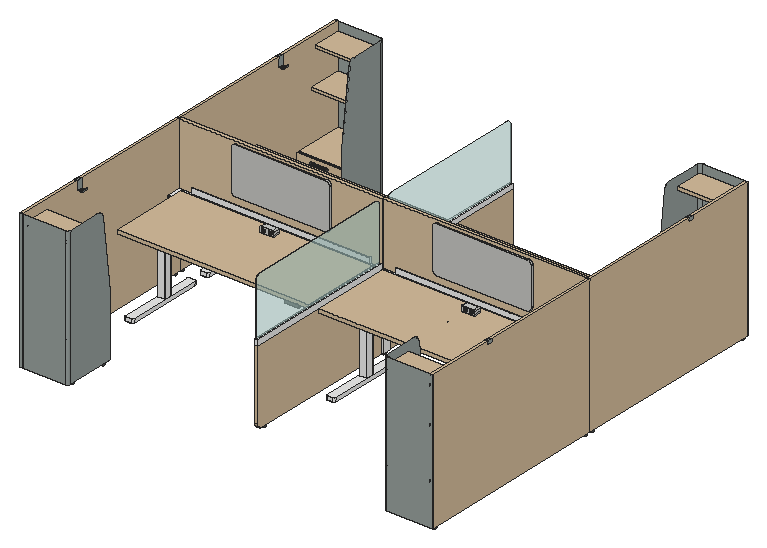
Revit family "Layout-Teknion-Expansion_Cityline_Height_Adjustable_Workstation_09-R2021", category Furniture Systems, Revit 2021 (continued)
Definition of nested family "Screen-Teknion-JZSASB_Solid_Add_On_Screen_EZ_Fence_Beam_Mounted-R2021"
  Forms (in)
    Sweep 5, solid, material <- "Screen Finish", visible <- "Radius"
      profile origin (41.6252, 0, 0) x (1, 0, 0) y (0, 0, 1)
        loop
          arc (-40.829, 57) -> (-42.24321, 56.41421) -> (-42.829, 55) r 2
  Cuts and joins
    Sweep 3 cuts Sweep 5
    Sweep 3, Sweep 4 cuts Sweep 1
  Lines and regions (in)
    Masking region 1
      outline origin (0, 0, 0) x (1, 0, 0) y (0, 1, 0)
        loop
          line (-1.2038, 0.50787) -> (-1.2038, -0.50787) -> (3.0482, -0.50787) -> (3.0482, -0.90551) -> (80.20183, -0.90551) -> (80.20183, -0.50787) -> (84.4542, -0.50787) -> (84.4542, 0.50787) -> (80.20183, 0.50787) -> (80.20183, 0.90551) -> (3.0482, 0.90551) -> (3.0482, 0.50787) -> (-1.2038, 0.50787)
    symbolic lines
      curve 1: line (1.2482, 0.50787, 0) -> (82.00183, 0.50787, 0)
      curve 2: line (82.00183, -0.50787, 0) -> (1.2482, -0.50787, 0)
    symbolic lines, visible <- "2D - Hole - Right", detail levels medium+fine
      curve 3: line (84.9353, 0.1575, 0) -> (84.9353, -0.1575, 0)
      curve 4: line (84.9353, -0.1575, 0) -> (84.4542, -0.1575, 0)
      curve 5: line (84.9353, 0.1575, 0) -> (84.4542, 0.1575, 0)
    symbolic lines, visible <- "2D - Hole - Left", detail levels medium+fine
      curve 6: line (-1.2038, 0.1575, 0) -> (-1.6848, 0.1575, 0)
      curve 7: line (-1.6848, 0.1575, 0) -> (-1.6848, -0.1575, 0)
      curve 8: line (-1.6848, -0.1575, 0) -> (-1.2038, -0.1575, 0)
    reference lines
      curve 9: line (-1.2038, 0.90551, 0) -> (-1.2038, -0.90551, 0)
      curve 10: line (-1.2038, 0.90551, 0) -> (84.4542, 0.90551, 0)
      curve 11: line (-1.2038, -0.90551, 0) -> (84.4542, -0.90551, 0)
      curve 12: line (84.4542, 0.90551, 0) -> (84.4542, -0.90551, 0)
  Dimensions and locks (in)
    "Actual Width": plane 4 "Left" to plane 5 "Right"
    locked: plane 6 "Back" to plane 7 "Front" at 1.81102
    "Datum Height": plane 8 "Top" to level
    equal spacing: plane 6 "Back", plane 1 "Center Front/Back", plane 7 "Front"
    equal spacing: plane 4 "Left", plane 3 "Center Left/Right", plane 5 "Right"
    Sweep 1 sketch curve to plane 1 "Center Front/Back" to Sweep 1 sketch curve = 0.50787" locked, 0.50787" locked
    locked: Sweep 2 sketch curve to plane 5 "Right" at 4.25236
    "Cover Gap": plane 4 "Left" to Sweep 2 sketch curve
    locked: Sweep 2 sketch curve to plane 9 at 1.88976  (x2)
    locked: Sweep 2 sketch curve to plane 6 "Back" at 0.39764
    locked: plane 7 "Front" to Sweep 2 sketch curve at 0.39764
    "Beam Height": plane 9 to plane 2
    locked: plane 5 "Right" to Sweep 3 sketch curve at 0.6811
    "Cut-Out - Alignment Holes - Right": Sweep 3 sketch curve to Sweep 3 sketch curve
    locked: plane 8 "Top" to Sweep 3 sketch curve at 3
    locked: Sweep 4 sketch curve to plane 4 "Left" at 0.681
    "Cut-Out - Alignment Holes - Left": Sweep 4 sketch curve to Sweep 4 sketch curve
    locked: plane 8 "Top" to Sweep 4 sketch curve at 3
    Sweep 5 sketch curve to plane 1 "Center Front/Back" to Sweep 5 sketch curve = 0.50787" locked, 0.50787" locked
    locked: Sweep 5 sketch curve to plane 4 "Left" at 2
    locked: plane 8 "Top" to Sweep 5 sketch curve at 2
    locked: nested 2 to plane 5 "Right" at 0.829
    locked: plane 4 "Left" to nested 3 at 0.829
    radius of Sweep 3 = 0.1575"  (x2)
    aligned and locked: level to plane 2
    aligned and locked: plane 3 "Center Left/Right" to Sweep 1 sketch curve
    aligned and locked: plane 8 "Top" to Sweep 1 sketch curve
    aligned and locked: plane 9 to Sweep 1 sketch curve
    aligned and locked: plane 5 "Right" to Sweep 1 sketch curve
    aligned and locked: plane 4 "Left" to Sweep 1 sketch curve
    aligned and locked: Sweep 2 sketch curve to plane 1 "Center Front/Back"
    aligned and locked: Sweep 2 sketch curve to plane 6 "Back"
    aligned and locked: Sweep 2 sketch curve to plane 9  (x2)
    aligned and locked: plane 7 "Front" to Sweep 2 sketch curve
    aligned and locked: plane 1 "Center Front/Back" to Sweep 3 sketch curve  (x2)
    aligned and locked: Sweep 4 sketch curve to plane 1 "Center Front/Back"
    aligned and locked: plane 1 "Center Front/Back" to Sweep 4 sketch curve
    aligned and locked: Sweep 5 sketch curve to plane 3 "Center Left/Right"
    aligned and locked: Sweep 5 sketch curve to plane 9
    aligned and locked: Sweep 5 sketch curve to plane 5 "Right"
    aligned and locked: plane 8 "Top" to Sweep 5 sketch curve
    aligned and locked: Sweep 5 sketch curve to plane 4 "Left"
    aligned and locked: Masking region 1 sketch curve to cut or joined group of Sweep 1, Sweep 3, Sweep 4  (x4)
    aligned and locked: cut or joined group of Sweep 1, Sweep 3, Sweep 4 to Masking region 1 sketch curve  (x2)
    aligned and locked: Masking region 1 sketch curve to Sweep 2  (x4)
    aligned and locked: Sweep 2 to Masking region 1 sketch curve
    aligned and locked: curve 1 to Sweep 2
    aligned and locked: curve 2 to Sweep 2
    aligned and locked: curve 3 to cut or joined group of Sweep 1, Sweep 3, Sweep 4
    aligned and locked: plane 4 "Left" to curve 8
    aligned and locked: plane 4 "Left" to curve 6
    aligned and locked: curve 7 to cut or joined group of Sweep 1, Sweep 3, Sweep 4
    aligned and locked: plane 5 "Right" to curve 5
    aligned and locked: plane 5 "Right" to curve 4
    aligned and locked: nested 3 to plane 1 "Center Front/Back"
    aligned and locked: plane 1 "Center Front/Back" to nested 1
    aligned and locked: nested 1 to plane 3 "Center Left/Right"
    aligned and locked: plane 1 "Center Front/Back" to nested 2
    aligned and locked: Sweep 3 to curve 5
    aligned and locked: Sweep 3 to curve 4
    aligned and locked: curve 6 to Sweep 4
    aligned and locked: Sweep 4 to curve 8
    aligned and locked: curve 9 to plane 4 "Left"
    aligned and locked: curve 10 to plane 6 "Back"
    aligned and locked: plane 7 "Front" to curve 11
    aligned and locked: curve 12 to plane 5 "Right"
  Automatic sketch dimensions
    profile plane to Sweep 4 sketch curve = 0.1575"
    Sweep 4 sketch curve to Sweep 4 sketch curve = 0.000"  (x2)
    Sweep 3 sketch curve to Sweep 3 sketch curve = 0.1575"
    Sweep 3 sketch curve to Sweep 3 sketch curve = 0.000"  (x2)
    Masking region 1 sketch curve to plane 6 "Back" = 0.000"
    curve 7 to curve 2 = 2.933"
    curve 1 to curve 2 = 0.000"
    curve 1 to curve 3 = 2.93346"
    curve 2 to curve 1 = 0.000"
  Nested families (in)
    nested 1: "Teknion_2D_Node_Family-R2016" at (41.6252, 0, 0), type "Teknion_2D_Node_Family-R2016"
    nested 2: "Teknion_2D_Node_Family-R2016" at (83.6252, 0, 0), type "Teknion_2D_Node_Family-R2016"
    nested 3: "Teknion_2D_Node_Family-R2016" at (-0.3748, 0, 0) x (-1, 0, 0) z (0, 0, 1), type "Teknion_2D_Node_Family-R2016"
  Definition of nested family "Teknion_2D_Node_Family-R2016"
    Reference planes (in)
      plane 1 "Center (Front/Back)": y = 0
      plane 2: z = 0
      plane 3 "Center (Left/Right)": x = 0
    Lines and regions (in)
      detail lines, in view "Ref. Level"
        curve 1: circle (0, 0, 0) r 1.25 normal (0, 0, 1)
        curve 2: line (1.91508, -1.91508, 0) -> (-1.91508, 1.91508, 0)
        curve 3: line (-1.91508, -1.91508, 0) -> (1.91508, 1.91508, 0)
Definition of nested family "Screens-Teknion-JNSCE_Casual_Board-R2015"
  Parameters (values of type "Datum 42"h, 12"w, Radius Corner")
    Width = 12.000"
    Warranty = "http://www.teknion.com/ca/papers/legal-canada"
    Unit Weight URL = "http://www.teknion.com/ca/tools/assets#&asset=bee6a381-b954-425e-8283-5a2de3a804f2,f828d448-4b62-4231-9e5f-9a8991c0ed77"
    URL = "www.teknion.com"
    Sustainability Data = "http://www.teknion.com/ca/tools/assets#&topic=216f99a5-57a0-44fc-b10a-9dee9b29ae4c&asset=444deb64-fe58-4b68-981e-f75e97781df7"
    Series = "Expansion Cityline"  # constant formula
    Product Page URL = "http://www.teknion.com/ca/products/product-details?productlineid=9ad2a26e-8e7a-673b-a6c8-ff05004460c4"
    Product Line = "Expansion Cityline"  # constant formula
    Product Documentation Link = "http://www.teknion.com/pricing/Expansion-Cityline/pdfs/JNSCE_ppg.pdf"
    Part Number = "JNSCE"  # constant formula
    Model = "JNSCE4212R"
    Manufacturer Phone = "416-661-3370"  # constant formula
    Manufacturer Fax = "416.661.4586"  # constant formula
    Manufacturer Contact Information = "http://www.teknion.com/ca/contactus"
    Manufacturer Address = "1150 Flint Road, Toronto, ON. M3J 2J5. Canada"  # constant formula
    Manufacturer = "Teknion"  # constant formula
    Height = 41.000"
    Description = "Casual Board - Felt, Datum 42\"h, 12\"w, Radius Corner"
    Default Elevation = 0.000"
    Board Finish [instance] = none
    Assembly Code = "E2020200"
  Types (21): name | Width | Model | Height | Description
    Datum 42"h, 12"w, Radius Corner | 12.000" | "JNSCE4212R" | 41.000" | "Casual Board - Felt, Datum 42\"h, 12\"w, Radius Corner"
    Datum 42"h, 15"w, Radius Corner | 15.000" | "JNSCE4215R" | 41.000" | "Casual Board - Felt, Datum 42\"h, 15\"w, Radius Corner"
    Datum 42"h, 18"w, Radius Corner | 18.000" | "JNSCE4218R" | 41.000" | "Casual Board - Felt, Datum 42\"h, 18\"w, Radius Corner"
    Datum 42"h, 24"w, Radius Corner | 24.000" | "JNSCE4224R" | 41.000" | "Casual Board - Felt, Datum 42\"h, 24\"w, Radius Corner"
    Datum 42"h, 30"w, Radius Corner | 30.000" | "JNSCE4230R" | 41.000" | "Casual Board - Felt, Datum 42\"h, 30\"w, Radius Corner"
    Datum 42"h, 36"w, Radius Corner | 36.000" | "JNSCE4236R" | 41.000" | "Casual Board - Felt, Datum 42\"h, 36\"w, Radius Corner"
    Datum 42"h, 42"w, Radius Corner | 42.000" | "JNSCE4242R" | 41.000" | "Casual Board - Felt, Datum 42\"h, 42\"w, Radius Corner"
    Datum 51"h, 12"w, Radius Corner | 12.000" | "JNSCE5112R" | 49.830" | "Casual Board - Felt, Datum 51\"h, 12\"w, Radius Corner"
    Datum 51"h, 15"w, Radius Corner | 15.000" | "JNSCE5115R" | 49.830" | "Casual Board - Felt, Datum 51\"h, 15\"w, Radius Corner"
    Datum 51"h, 18"w, Radius Corner | 18.000" | "JNSCE5118R" | 49.830" | "Casual Board - Felt, Datum 51\"h, 18\"w, Radius Corner"
    Datum 51"h, 24"w, Radius Corner | 24.000" | "JNSCE5124R" | 49.830" | "Casual Board - Felt, Datum 51\"h, 24\"w, Radius Corner"
    Datum 51"h, 30"w, Radius Corner | 30.000" | "JNSCE5130R" | 49.830" | "Casual Board - Felt, Datum 51\"h, 30\"w, Radius Corner"
    Datum 51"h, 36"w, Radius Corner | 36.000" | "JNSCE5136R" | 49.830" | "Casual Board - Felt, Datum 51\"h, 36\"w, Radius Corner"
    Datum 51"h, 42"w, Radius Corner | 42.000" | "JNSCE5142R" | 49.830" | "Casual Board - Felt, Datum 51\"h, 42\"w, Radius Corner"
    Datum 57"h, 12"w, Radius Corner | 12.000" | "JNSCE5712R" | 56.000" | "Casual Board - Felt, Datum 57\"h, 12\"w, Radius Corner"
    Datum 57"h, 15"w, Radius Corner | 15.000" | "JNSCE5715R" | 56.000" | "Casual Board - Felt, Datum 57\"h, 15\"w, Radius Corner"
    Datum 57"h, 18"w, Radius Corner | 18.000" | "JNSCE5718R" | 56.000" | "Casual Board - Felt, Datum 57\"h, 18\"w, Radius Corner"
    Datum 57"h, 24"w, Radius Corner | 24.000" | "JNSCE5724R" | 56.000" | "Casual Board - Felt, Datum 57\"h, 24\"w, Radius Corner"
    Datum 57"h, 30"w, Radius Corner | 30.000" | "JNSCE5730R" | 56.000" | "Casual Board - Felt, Datum 57\"h, 30\"w, Radius Corner"
    Datum 57"h, 36"w, Radius Corner | 36.000" | "JNSCE5736R" | 56.000" | "Casual Board - Felt, Datum 57\"h, 36\"w, Radius Corner"
    Datum 57"h, 42"w, Radius Corner | 42.000" | "JNSCE5742R" | 56.000" | "Casual Board - Felt, Datum 57\"h, 42\"w, Radius Corner"
  Reference planes (in)
    plane 1 "Center Front/Back": y = 0
    plane 2: z = 0
    plane 3 "Center Left/Right": x = 0
    plane 4 "Left": x = -6
    plane 5 "Right": x = 6
    plane 6 "Back": y = 0.27559
    plane 7 "Front": y = -0.27559
    plane 8 "Top": z = 41
    plane 9: z = 33
  Forms (in)
    Extrusion 1, solid, material <- "Board Finish"
      sketch origin (0, 0, 0) x (1, 0, 0) y (0, 0, 1)
        loop
          line (-4.5, 33) -> (4.5, 33)
          arc (4.5, 33) -> (5.56066, 33.43934) -> (6, 34.5) r 1.5
          line (6, 34.5) -> (6, 39.5)
          arc (6, 39.5) -> (5.56066, 40.56066) -> (4.5, 41) r 1.5
          line (4.5, 41) -> (-4.5, 41)
          arc (-4.5, 41) -> (-5.56066, 40.56066) -> (-6, 39.5) r 1.5
          line (-6, 39.5) -> (-6, 34.5)
          arc (-6, 34.5) -> (-5.56066, 33.43934) -> (-4.5, 33) r 1.5
      from 0.27559 to -0.27559
  Lines and regions (in)
    Masking region 1
      outline origin (0, 0, 0) x (1, 0, 0) y (0, 1, 0)
        loop
          line (-6, 0.27559) -> (-6, -0.27559) -> (6, -0.27559) -> (6, 0.27559) -> (-6, 0.27559)
    model lines
      curve 1: line (-1.52838, -0.27559, 38.38233) -> (-0.78996, -0.27559, 37.61767)
      curve 2: line (-1.15997, -0.27559, 37.52476) -> (-1.71506, -0.27559, 36.98872)
      curve 3: line (-1.84171, -0.27559, 36.38309) -> (-2.23826, -0.27559, 36.79374)
      curve 4: line (-2.23826, -0.27559, 36.79374) -> (-3, -0.27559, 36.22233)
      curve 5: line (-3, -0.27559, 36.22233) -> (-2.40236, -0.27559, 36.96366)
      curve 6: line (-2.40236, -0.27559, 36.96366) -> (-2.79892, -0.27559, 37.37431)
      curve 7: line (-2.18923, -0.27559, 37.47975) -> (-1.63415, -0.27559, 38.01578)
      curve 8: arc (-2.79892, -0.27559, 37.37431) -> (-2.51029, -0.27559, 37.52078) -> (-2.18923, -0.27559, 37.47975) r 0.55056
      curve 9: arc (-1.84171, -0.27559, 36.38309) -> (-1.68526, -0.27559, 36.66643) -> (-1.71506, -0.27559, 36.98872) r 0.55057
      curve 10: arc (-1.63415, -0.27559, 38.01578) -> (-1.6302, -0.27559, 38.21318) -> (-1.52838, -0.27559, 38.38233) r 0.38263
      curve 11: arc (-1.15997, -0.27559, 37.52476) -> (-0.96256, -0.27559, 37.52181) -> (-0.78996, -0.27559, 37.61767) r 0.38261
  Dimensions and locks (in)
    equal spacing: plane 4 "Left", plane 3 "Center Left/Right", plane 5 "Right"
    equal spacing: plane 6 "Back", plane 1 "Center Front/Back", plane 7 "Front"
    "Height": plane 8 "Top" to level
    locked: plane 6 "Back" to plane 7 "Front" at 0.55118
    "Width": plane 4 "Left" to plane 5 "Right"
    locked: plane 2 to plane 9 at 33
    Extrusion 1 sketch curve to Extrusion 1 sketch curve to plane 8 "Top" = 0.000" locked, 1.500" locked
    plane 9 to Extrusion 1 sketch curve to Extrusion 1 sketch curve = 1.500" locked, 0.000" locked
    locked: Extrusion 1 sketch curve to plane 5 "Right" at 1.5  (x2)
    locked: Extrusion 1 sketch curve to plane 4 "Left" at 1.5  (x2)
    curve 11 to curve 11 to curve 11 to curve 10 to curve 10 to curve 10 to curve 9 to curve 9 to curve 8 to curve 9 to curve 4 to curve 6 to curve 8 to curve 5 to plane 4 "Left" = 0.26578" locked, 0.10423" locked, 0.1026" locked, 0.26581" locked, 0.10577" locked, 0.08091" locked, 0.12665" locked, 0.34752" locked, 0.03494" locked, 0.01408" locked, 0.1641" locked, 0.01411" locked, 0.58353" locked, 3.000" locked
    plane 8 "Top" to curve 10 to curve 11 to curve 8 to curve 9 = 2.89291" locked, 0.2142" locked, 0.91463" locked, 0.19913" locked
    plane 8 "Top" to curve 10 to curve 11 = 2.61768" locked, 0.76465" locked
    plane 8 "Top" to curve 6 to curve 4 to curve 5 = 4.03634" locked, 0.16992" locked, 0.57141" locked
    aligned and locked: level to plane 2
    aligned and locked: plane 4 "Left" to Extrusion 1 sketch curve
    aligned and locked: Extrusion 1 sketch curve to plane 5 "Right"
    aligned and locked: plane 8 "Top" to Extrusion 1 sketch curve
    aligned and locked: plane 7 "Front" to Extrusion 1
    aligned and locked: Extrusion 1 to plane 6 "Back"
    aligned and locked: Masking region 1 sketch curve to plane 6 "Back"
    aligned and locked: Masking region 1 sketch curve to plane 4 "Left"
    aligned and locked: Masking region 1 sketch curve to plane 7 "Front"
    aligned and locked: Masking region 1 sketch curve to plane 5 "Right"
  Automatic sketch dimensions
    curve 4 to curve 3 = 0.16076"
    curve 8 to curve 8 = 0.38245"
    curve 8 to curve 6 = 0.39604"
Definition of nested family "Electrical-Teknion-JNEPC_Power_Cube-R2015"
  Parameters (values of type "Quad - 2 Power/ 2 USB/1 Data")
    Worksurface Thickness [instance] = 1.1875"
    Width [instance] = if([Has Quad - 2 Power/2 USB/1 Data], 7.5625", 5.000")  # 7.5625"
    Warranty = "http://www.teknion.com/ca/papers/legal-canada"
    Voltage = 120 V
    Unit Weight URL = "http://www.teknion.com/ca/tools/assets#&asset=bee6a381-b954-425e-8283-5a2de3a804f2,f828d448-4b62-4231-9e5f-9a8991c0ed77"
    URL = "www.teknion.com"
    Sustainability Data = "http://www.teknion.com/ca/tools/assets#&topic=216f99a5-57a0-44fc-b10a-9dee9b29ae4c&asset=444deb64-fe58-4b68-981e-f75e97781df7"
    Series = "Expansion Cityline"  # constant formula
    Right Power/USB Charger [instance] = if(or([Has Quad - 2 Power/2 USB/1 Data], Has Power & USB Charger slot), 0.84375", 0.5625")  # 0.84375"
    Right Power Hole Depth [instance] = if(Has Power & Power slot, 0.84375", 0.5625")  # 0.5625"
    Right Power Hole - Quad Depth [instance] = if([Has Quad - 2 Power/2 USB/1 Data], 2.000", 0.5625")  # 2.000"
    Right Offset [instance] = if([Has Quad - 2 Power/2 USB/1 Data], 0.625", 0.77344")  # 0.625"
    Product Page URL = "http://www.teknion.com/ca/products/product-details?productlineid=9ad2a26e-8e7a-673b-a6c8-ff05004460c4"
    Product Line = "Expansion Cityline"  # constant formula
    Product Documentation Link = "http://www.teknion.com/pricing/expansion-cityline/pdfs/JNEPC_ppg.pdf"
    Power Cube - Case and Front Finish [instance] = none
    Part Number = "JNEPC"  # constant formula
    Model = "JNEPC"  # constant formula
    Manufacturer Phone = "416-661-3370"  # constant formula
    Manufacturer Fax = "416.661.4586"  # constant formula
    Manufacturer Email = "http://www.teknion.com/ca/contactus"
    Manufacturer Address = "1150 Flint Road, Toronto, ON. M3J 2J5. Canada"  # constant formula
    Manufacturer = "Teknion"  # constant formula
    Left Power Hole Depth [instance] = if(or(Has Power & Power slot, Has Power & USB Charger slot, [Has Quad - 2 Power/2 USB/1 Data]), 0.84375", 0.5625")  # 0.84375"
    Left Offset [instance] = if([Has Quad - 2 Power/2 USB/1 Data], 0.35156", 0.67578")  # 0.35156"
    Has Quad - 2 Power/2 USB/1 Data = yes
    Has Power Cube Below Worksurface = if(Has Power Cube Above Worksurface, 1 > 2, 1 < 2)  # no
    Has Power Cube Above Worksurface = yes
    Has Power & USB Charger slot = no
    Has Power & Power slot = no
    Description = "Power Cube"  # constant formula
    Default Elevation = 48.000"
    Data Hole Depth [instance] = if([Has Quad - 2 Power/2 USB/1 Data], 2.000", 0.5625")  # 2.000"
    Connector Descriptor = "Power Connector"  # constant formula
    Apparent Load = 0 VA
  Types (3): name | Width | Right Power/USB Charger | Right Power Hole Depth | Right Power Hole - Quad Depth | Right Offset | Left Offset | Has Quad - 2 Power/2 USB/1 Data | Has Power & USB Charger slot | Has Power & Power slot | Data Hole Depth
    Dual - Power Only | 5.000" | 0.5625" | 0.84375" | 0.5625" | 0.77344" | 0.67578" | no | no | yes | 0.5625"
    Dual - 1 Power / 2 USB / 0 Data | 5.000" | 0.84375" | 0.5625" | 0.5625" | 0.77344" | 0.67578" | no | yes | no | 0.5625"
    Quad - 2 Power/ 2 USB/1 Data | 7.5625" | 0.84375" | 0.5625" | 2.000" | 0.625" | 0.35156" | yes | no | no | 2.000"
  Reference planes (in)
    plane 1 "Center (Front/Back)": y = 0
    plane 2: z = 0
    plane 3 "Center (Left/Right)": x = 0
    plane 4 "B/O Worksurface": z = -1.1875
    plane 5: z = -4.41978
    plane 6: z = 2
    plane 7: y = -1.17126
    plane 8: y = 1.25
    plane 9: y = 2.5
    plane 10: y = -1.25
    plane 11: x = -3.78125
    plane 12: x = 3.78125
    plane 13 "Power Hole Depth (Above Worksurface)": y = -2
    plane 14: y = -0.75
    plane 15: z = -2.41978
    plane 16: z = -1.2938
    plane 17: y = 0.07874
    plane 18: x = -0.35156
    plane 19: x = 3.15625
  Forms (in)
    Extrusion 1, solid
      sketch origin (0, 0, 0) x (1, 0, 0) y (0, 1, 0)
        loop
          line (-48, 48) -> (-48, -48) -> (48, -48) -> (48, 48) -> (-48, 48)
      from 0 to -12
    Blend 2, solid, material <- "Power Cube - Case and Front Finish", visible <- "Has Power Cube Above Worksurface"
      base sketch origin (2.5, -1.17126, 48) x (1, 0, 0) y (0, 0, 1)
        loop
          line (1.28125, -47.62598) -> (1.28125, -46.37363)
          arc (1.28125, -46.37363) -> (1.17182, -46.10943) -> (0.90762, -46) r 0.37363
          line (0.90762, -46) -> (-5.90762, -46)
          arc (-5.90762, -46) -> (-6.17182, -46.10943) -> (-6.28125, -46.37363) r 0.37363
          line (-6.28125, -46.37363) -> (-6.28125, -47.62586)
          arc (-6.28125, -47.62586) -> (-6.17167, -47.89042) -> (-5.90711, -48) r 0.37414
          line (-5.90711, -48) -> (0.90723, -48)
          arc (0.90723, -48) -> (1.1717, -47.89045) -> (1.28125, -47.62598) r 0.37402
      top sketch origin (2.43454, 1.25, 48) x (1, 0, 0) y (0, 0, 1)
        loop
          line (-5.84177, -48) -> (0.9727, -48)
          arc (0.9727, -48) -> (1.19416, -47.86842) -> (1.28125, -47.62598) r 0.38096
          line (1.28125, -47.62598) -> (1.28125, -46.50504)
          arc (1.28125, -46.50504) -> (1.1717, -46.24057) -> (0.90723, -46.13102) r 0.37402
          line (0.90723, -46.13102) -> (-5.77669, -46.13102)
          arc (-5.77669, -46.13102) -> (-6.04089, -46.24045) -> (-6.15032, -46.50465) r 0.37363
          line (-6.15032, -46.50465) -> (-6.15032, -47.62598)
          arc (-6.15032, -47.62598) -> (-6.06323, -47.86842) -> (-5.84177, -48) r 0.38096
      from 0 to 0
    Extrusion 3, solid, visible <- "Has Power Cube Above Worksurface"
      sketch origin (2.47046, -1.17126, 48) x (1, 0, 0) y (0, 0, 1)
        loop
          line (-2.86139, -46.4748) -> (-3.83304, -46.4748)
          arc (-3.83304, -46.4748) -> (-3.86088, -46.48633) -> (-3.87241, -46.51417) r 0.03937
          line (-3.87241, -46.51417) -> (-3.87241, -47.48583)
          arc (-3.87241, -47.48583) -> (-3.86088, -47.51367) -> (-3.83304, -47.5252) r 0.03937
          line (-3.83304, -47.5252) -> (-2.86139, -47.5252)
          arc (-2.86139, -47.5252) -> (-2.83355, -47.51367) -> (-2.82202, -47.48583) r 0.03937
          line (-2.82202, -47.48583) -> (-2.82202, -46.51417)
          arc (-2.82202, -46.51417) -> (-2.83355, -46.48633) -> (-2.86139, -46.4748) r 0.03937
      from 0 to 0.07874
    Extrusion 4, solid, visible <- "Has Power Cube Above Worksurface"
      sketch origin (2.52954, -1.17126, 48) x (1, 0, 0) y (0, 0, 1)
        loop
          line (0.58734, -46.4748) -> (-0.38432, -46.4748)
          arc (-0.38432, -46.4748) -> (-0.41216, -46.48633) -> (-0.42369, -46.51417) r 0.03937
          line (-0.42369, -46.51417) -> (-0.42369, -47.48583)
          arc (-0.42369, -47.48583) -> (-0.41216, -47.51367) -> (-0.38432, -47.5252) r 0.03937
          line (-0.38432, -47.5252) -> (0.58734, -47.5252)
          arc (0.58734, -47.5252) -> (0.61518, -47.51367) -> (0.62671, -47.48583) r 0.03937
          line (0.62671, -47.48583) -> (0.62671, -46.51417)
          arc (0.62671, -46.51417) -> (0.61518, -46.48633) -> (0.58734, -46.4748) r 0.03937
      from 0 to 0.07874
    Extrusion 5, void
      sketch origin (4.07571, -1.25, 48) x (-1, 0, 0) y (0, 0, 1)
        loop
          line (5.22849, -46.62047) -> (5.15763, -46.62047) -> (5.15763, -46.95906) -> (5.22849, -46.95906) -> (5.22849, -46.62047)
        loop
          line (4.74818, -46.65197) -> (4.67731, -46.65197) -> (4.67731, -46.92756) -> (4.74818, -46.92756) -> (4.74818, -46.65197)
        loop
          line (5.04936, -47.34409) -> (5.04936, -47.22795)
          arc (5.04936, -47.22795) -> (4.9529, -47.1315) -> (4.85645, -47.22795) r 0.09646
          line (4.85645, -47.22795) -> (4.85645, -47.34409) -> (5.04936, -47.34409)
      from -0.75 to 0.09375
    Extrusion 6, void
      sketch origin (-2.47046, -1.25, 48) x (1, 0, 0) y (0, 0, -1)
        loop
          line (5.37719, 46.62047) -> (5.37719, 46.95906) -> (5.30633, 46.95906) -> (5.30633, 46.62047) -> (5.37719, 46.62047)
        loop
          line (4.89688, 46.65197) -> (4.89688, 46.92756) -> (4.82601, 46.92756) -> (4.82601, 46.65197) -> (4.89688, 46.65197)
        loop
          line (5.19806, 47.34409) -> (5.00515, 47.34409) -> (5.00515, 47.22795)
          arc (5.00515, 47.22795) -> (5.1016, 47.1315) -> (5.19806, 47.22795) r 0.09646
          line (5.19806, 47.22795) -> (5.19806, 47.34409)
      from -0.75 to -0.1875
    Extrusion 7, void
      sketch origin (-1.4177, -2, 48) x (1, 0, 0) y (0, 0, 1)
        loop
          line (3.73909, -47.35443) -> (3.93609, -47.35443) -> (3.93609, -46.65948) -> (3.73909, -46.65948) -> (3.73909, -47.35443)
        loop
          line (4.16109, -47.35443) -> (4.35809, -47.35443) -> (4.35809, -46.65948) -> (4.16109, -46.65948) -> (4.16109, -47.35443)
      from 0 to -0.84375
    Extrusion 8, solid, visible <- "Has Quad - 2 Power/2 USB/1 Data"
      sketch origin (4.22441, -1.17126, 47.99887) x (1, 0, 0) y (0, 0, 1)
        loop
          line (-2.86139, -46.4748) -> (-3.83304, -46.4748)
          arc (-3.83304, -46.4748) -> (-3.86088, -46.48633) -> (-3.87241, -46.51417) r 0.03937
          line (-3.87241, -46.51417) -> (-3.87241, -47.48583)
          arc (-3.87241, -47.48583) -> (-3.86088, -47.51367) -> (-3.83304, -47.5252) r 0.03937
          line (-3.83304, -47.5252) -> (-2.86139, -47.5252)
          arc (-2.86139, -47.5252) -> (-2.83355, -47.51367) -> (-2.82202, -47.48583) r 0.03937
          line (-2.82202, -47.48583) -> (-2.82202, -46.51417)
          arc (-2.82202, -46.51417) -> (-2.83355, -46.48633) -> (-2.86139, -46.4748) r 0.03937
      from 0 to 0.07874
    Extrusion 9, void
      sketch origin (5.82966, -1.25, 47.99887) x (-1, 0, 0) y (0, 0, 1)
        loop
          line (5.22849, -46.62047) -> (5.15763, -46.62047) -> (5.15763, -46.95906) -> (5.22849, -46.95906) -> (5.22849, -46.62047)
        loop
          line (4.74818, -46.65197) -> (4.67731, -46.65197) -> (4.67731, -46.92756) -> (4.74818, -46.92756) -> (4.74818, -46.65197)
        loop
          line (5.04936, -47.34409) -> (5.04936, -47.22795)
          arc (5.04936, -47.22795) -> (4.9529, -47.1315) -> (4.85645, -47.22795) r 0.09646
          line (4.85645, -47.22795) -> (4.85645, -47.34409) -> (5.04936, -47.34409)
      from -0.75 to 1.25
    Extrusion 10, solid, visible <- "Has Quad - 2 Power/2 USB/1 Data"
      sketch origin (0.716, -1.17126, 47.99887) x (1, 0, 0) y (0, 0, 1)
        loop
          line (-2.86139, -46.4748) -> (-3.83304, -46.4748)
          arc (-3.83304, -46.4748) -> (-3.86088, -46.48633) -> (-3.87241, -46.51417) r 0.03937
          line (-3.87241, -46.51417) -> (-3.87241, -47.48583)
          arc (-3.87241, -47.48583) -> (-3.86088, -47.51367) -> (-3.83304, -47.5252) r 0.03937
          line (-3.83304, -47.5252) -> (-2.86139, -47.5252)
          arc (-2.86139, -47.5252) -> (-2.83355, -47.51367) -> (-2.82202, -47.48583) r 0.03937
          line (-2.82202, -47.48583) -> (-2.82202, -46.51417)
          arc (-2.82202, -46.51417) -> (-2.83355, -46.48633) -> (-2.86139, -46.4748) r 0.03937
      from 0 to 0.07874
    Extrusion 11, void
      sketch origin (-3.58522, -0.75, 48) x (1, 0, 0) y (0, 0, 1)
        loop
          line (0.5605, -46.69873) -> (0.5605, -47.28892) -> (0.85045, -47.28892) -> (0.85045, -47.34385) -> (1.05755, -47.34385) -> (1.05755, -47.28892) -> (1.3475, -47.28892) -> (1.3475, -46.69873) -> (0.5605, -46.69873)
      from -0.75 to 1.25
  Cuts and joins
    Extrusion 5, Extrusion 9 cuts Extrusion 3
    Extrusion 6, Extrusion 7 cuts Extrusion 4
    Extrusion 11 cuts Extrusion 10
    Extrusion 9 cuts Extrusion 8
  Lines and regions (in)
    symbolic lines, visible <- "Has Power Cube Below Worksurface"
      curve 1: line (-3.27534, 2.5, -1.1875) -> (-3.40723, 2.5, -1.1875)
    symbolic lines, visible <- "Has Power Cube Below Worksurface", detail levels medium+fine
      curve 2: line (-3.77912, 0.15748, -1.1875) -> (-3.78125, 0.07874, -1.1875)
      curve 3: line (3.78125, 0.07874, -1.1875) -> (3.77912, 0.15748, -1.1875)
    symbolic lines, visible <- "Has Power Cube Above Worksurface"
      curve 4: line (-3.71579, 1.25, -1.1875) -> (3.71579, 1.25, -1.1875)
      curve 5: line (3.78125, -1.17126, -1.1875) -> (3.71579, 1.25, -1.1875)
      curve 6: line (3.78125, -1.17126, -1.1875) -> (-3.78125, -1.17126, -1.1875)
      curve 7: line (-3.78125, -1.17126, -1.1875) -> (-3.71579, 1.25, -1.1875)
    symbolic lines, detail levels medium+fine
      curve 8: line (-3.40711, -1.17126, -1.1875) -> (-3.40723, 1.25, -1.1875)
      curve 9: line (3.40723, 1.25, -1.1875) -> (3.40723, -1.17126, -1.1875)
  Dimensions and locks (in)
    locked: plane 6 to plane 2 at 2
    locked: plane 7 to plane 1 "Center (Front/Back)" at 1.17126
    locked: plane 1 "Center (Front/Back)" to plane 8 at 1.25
    locked: plane 1 "Center (Front/Back)" to plane 9 at 2.5
    Extrusion 3 sketch curve to Extrusion 3 sketch curve to Extrusion 3 sketch curve to Extrusion 3 sketch curve to Extrusion 3 sketch curve to Extrusion 3 sketch curve = 0.03937" locked, 0.000" locked, 0.97165" locked, 0.000" locked, 0.03937" locked
    locked: plane 10 to plane 13 "Power Hole Depth (Above Worksurface)" at 0.75
    "Left Power Hole Depth": Extrusion 5 to plane 13 "Power Hole Depth (Above Worksurface)"
    "Right Power Hole Depth": Extrusion 6 to plane 13 "Power Hole Depth (Above Worksurface)"
    Blend 2 sketch curve to Blend 2 sketch curve to Blend 2 sketch curve to Blend 2 sketch curve to plane 6 = 0.000" locked, 1.12095" locked, 0.00038" locked, 0.50465" locked
    plane 6 to Blend 2 sketch curve to Blend 2 sketch curve to Blend 2 sketch curve to Blend 2 sketch curve = 0.37363" locked, 0.000" locked, 1.25222" locked, 0.00013" locked
    Extrusion 5 sketch curve to Extrusion 5 sketch curve to Extrusion 5 sketch curve to Extrusion 5 sketch curve to Extrusion 5 sketch curve to Extrusion 5 sketch curve to plane 2 = 0.0315" locked, 0.27559" locked, 0.0315" locked, 0.2689" locked, 0.11614" locked, 0.65591" locked
    Extrusion 5 sketch curve to Extrusion 5 sketch curve to Extrusion 5 sketch curve to Extrusion 5 sketch curve to Extrusion 5 sketch curve to Extrusion 5 sketch curve to Extrusion 5 sketch curve to plane 18 = 0.07087" locked, 0.10827" locked, 0.09646" locked, 0.09646" locked, 0.10827" locked, 0.07087" locked, 0.25004" locked
    plane 19 to Extrusion 7 sketch curve to Extrusion 7 sketch curve to Extrusion 7 sketch curve to Extrusion 7 sketch curve = 0.21587" locked, 0.197" locked, 0.225" locked, 0.197" locked
    plane 6 to Extrusion 7 sketch curve to Extrusion 7 sketch curve to Extrusion 7 sketch curve to Extrusion 7 sketch curve = 0.65948" locked, 0.000" locked, 0.69494" locked, 0.000" locked
    "Right Power/USB Charger": Extrusion 7 to plane 13 "Power Hole Depth (Above Worksurface)"
    plane 14 to plane 1 "Center (Front/Back)" = 0.750"
    locked: plane 1 "Center (Front/Back)" to plane 17 at 0.07874
    plane 4 "B/O Worksurface" to plane 16 to plane 15 to plane 5 = 0.1063" locked, 1.12598" locked, 2.000" locked
    "Worksurface Thickness": plane 2 to plane 4 "B/O Worksurface"
    plane 11 to Blend 2 sketch curve to Blend 2 sketch curve to Blend 2 sketch curve = 0.06546" locked, 0.37363" locked, 0.00733" locked
    plane 12 to Blend 2 sketch curve to Blend 2 sketch curve to Blend 2 sketch curve = 0.06546" locked, 0.37402" locked, 0.00694" locked
    plane 12 to Blend 2 sketch curve to Blend 2 sketch curve = 0.37363" locked, 0.00038" locked
    plane 11 to Blend 2 sketch curve to Blend 2 sketch curve = 0.37363" locked, 0.00051" locked
    equal spacing: plane 11, plane 3 "Center (Left/Right)", plane 12
    "Width": plane 11 to plane 12
    Extrusion 4 sketch curve to Extrusion 4 sketch curve to Extrusion 4 sketch curve to Extrusion 4 sketch curve to Extrusion 4 sketch curve to Extrusion 4 sketch curve = 0.03937" locked, 0.000" locked, 0.97165" locked, 0.000" locked, 0.03937" locked
    plane 6 to Extrusion 4 sketch curve to Extrusion 4 sketch curve = 0.4748" locked, 1.05039" locked
    "Left Offset": plane 3 "Center (Left/Right)" to plane 18
    Extrusion 6 sketch curve to Extrusion 6 sketch curve to Extrusion 6 sketch curve to Extrusion 6 sketch curve to Extrusion 6 sketch curve to Extrusion 6 sketch curve to Extrusion 6 sketch curve to plane 19 = 0.07087" locked, 0.10827" locked, 0.09646" locked, 0.09646" locked, 0.10827" locked, 0.07087" locked, 0.24951" locked
    plane 6 to Extrusion 6 sketch curve to Extrusion 6 sketch curve to Extrusion 6 sketch curve to Extrusion 6 sketch curve to Extrusion 6 sketch curve to Extrusion 6 sketch curve = 0.62047" locked, 0.0315" locked, 0.27559" locked, 0.0315" locked, 0.2689" locked, 0.11614" locked
    "Right Offset": plane 19 to plane 12
    Extrusion 8 sketch curve to Extrusion 8 sketch curve to Extrusion 8 sketch curve to Extrusion 8 sketch curve to Extrusion 8 sketch curve to Extrusion 8 sketch curve = 0.03937" locked, 0.000" locked, 0.97165" locked, 0.000" locked, 0.03937" locked
    Extrusion 9 sketch curve to Extrusion 9 sketch curve to Extrusion 9 sketch curve to Extrusion 9 sketch curve to Extrusion 9 sketch curve to Extrusion 9 sketch curve = 0.0315" locked, 0.27559" locked, 0.0315" locked, 0.2689" locked, 0.11614" locked
    Extrusion 9 sketch curve to Extrusion 9 sketch curve to Extrusion 9 sketch curve to Extrusion 9 sketch curve to Extrusion 9 sketch curve to Extrusion 9 sketch curve to Extrusion 9 sketch curve = 0.07087" locked, 0.10827" locked, 0.09646" locked, 0.09646" locked, 0.10827" locked, 0.07087" locked
    plane 11 to Extrusion 10 sketch curve to Extrusion 10 sketch curve to Extrusion 10 sketch curve to Extrusion 10 sketch curve to Extrusion 10 sketch curve to Extrusion 10 sketch curve = 0.62483" locked, 0.03937" locked, 0.000" locked, 0.97165" locked, 0.000" locked, 0.03937" locked
    plane 6 to Extrusion 10 sketch curve to Extrusion 10 sketch curve to Extrusion 10 sketch curve to Extrusion 10 sketch curve to Extrusion 10 sketch curve to Extrusion 10 sketch curve = 0.47594" locked, 0.03937" locked, 0.000" locked, 0.97165" locked, 0.000" locked, 0.03937" locked
    plane 11 to Extrusion 11 sketch curve to Extrusion 11 sketch curve to Extrusion 11 sketch curve to Extrusion 11 sketch curve = 0.75653" locked, 0.28995" locked, 0.2071" locked, 0.28995" locked
    plane 6 to Extrusion 11 sketch curve to Extrusion 11 sketch curve to Extrusion 11 sketch curve to Extrusion 11 sketch curve = 0.69873" locked, 0.59019" locked, 0.000" locked, 0.05492" locked
    "Data Hole Depth": Extrusion 11 to plane 13 "Power Hole Depth (Above Worksurface)"
    "Right Power Hole - Quad Depth": Extrusion 9 to plane 13 "Power Hole Depth (Above Worksurface)"
    aligned and locked: plane 2 to Extrusion 1
    aligned and locked: level to Extrusion 1
    aligned and locked: plane 6 to Blend 2 sketch curve
    aligned and locked: plane 2 to Blend 2 sketch curve
    aligned and locked: Blend 2 to plane 8
    aligned and locked: plane 7 to Blend 2
    aligned and locked: plane 10 to Extrusion 4
    aligned and locked: plane 10 to Extrusion 3
    aligned and locked: plane 13 "Power Hole Depth (Above Worksurface)" to Extrusion 6
    aligned and locked: Extrusion 7 to plane 13 "Power Hole Depth (Above Worksurface)"  (x3)
    aligned and locked: Extrusion 5 to plane 13 "Power Hole Depth (Above Worksurface)"
    aligned and locked: curve 5 to Blend 2
    aligned and locked: curve 6 to Blend 2
    aligned and locked: curve 7 to Blend 2
    aligned and locked: plane 8 to curve 4
    aligned and locked: plane 11 to Blend 2 sketch curve
    aligned and locked: plane 18 to Extrusion 3 sketch curve
    aligned and locked: Extrusion 4 sketch curve to plane 19
    aligned and locked: Extrusion 11 to plane 13 "Power Hole Depth (Above Worksurface)"
    aligned and locked: curve 8 to Blend 2
    aligned and locked: curve 9 to Blend 2
  Automatic sketch dimensions
    Extrusion 1 sketch curve to Extrusion 1 sketch curve = 96.000"  (x2)
    Blend 2 sketch curve to level = 0.000"
    level to Extrusion 3 sketch curve = 0.4748"
    Extrusion 3 sketch curve to plane 6 = 0.51417"
    plane 3 "Center (Left/Right)" to Extrusion 8 sketch curve = 0.352"
    level to Extrusion 8 sketch curve = 0.47367"
    Extrusion 8 sketch curve to plane 6 = 0.51531"
    plane 3 "Center (Left/Right)" to Extrusion 9 sketch curve = 1.15235"
    level to Extrusion 9 sketch curve = 0.65477"
    curve 2 to plane 11 = 0.000"
    plane 17 to curve 2 = 0.000"
    curve 3 to plane 12 = 0.000"
    plane 17 to curve 3 = 0.000"
    plane 9 to curve 1 = 0.000"
    curve 2 to plane 11 = 0.00213"
    curve 2 to plane 17 = 0.07874"
    curve 3 to plane 12 = 0.00213"
    curve 3 to plane 17 = 0.07874"
    curve 1 to plane 11 = 0.50591"
    curve 1 to curve 1 = 0.13189"
  Connectors (in)
    electrical at (0.00003, 0.03937, 0), driven by "Voltage", driven by "Apparent Load", driven by "Connector Descriptor"
      settings: on Blend 2, index 1, voltage 120 V, apparent load 0 VA, apparent load phase1 0 VA, apparent load phase2 0 VA, apparent load phase3 0 VA, power factor 1, load classification none, number of poles 1, system type 31, power factor state 1, is connector primary yes, connector utility no, sub classification motor no, connector description "Power Connector"
